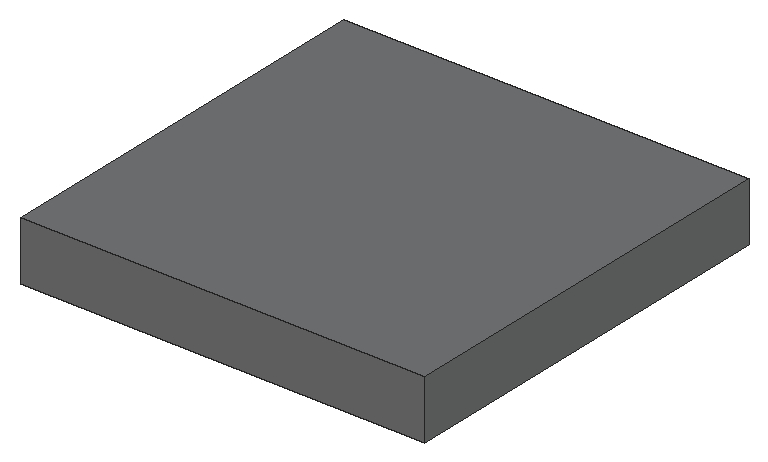
Revit family "Gira_0294005", category Electrical Fixtures, host Face, Revit 2017
Family settings
  Host = Face
  Maintain Annotation Orientation = No
  Round Connector Dimension = Use Diameter
  Part Type = Normal
  Cut with Voids When Loaded = No
  Shared = No
  Room Calculation Point = No
Parameters (values of type "Wippe 2f Pfeilsymbol System 55 Schwarz m")
  Werkstoffgüte = "Thermoplast"
  Werkstoff = "Kunststoff"
  Verwendung = "Jalousie"
  URL = "http://katalog.gira.de/de_DE/datenblatt.html?artikelnr=0294005"
  Region = "DE"
  Oberfläche = "sonstige"
  Name = "Wippe 2f Pfeilsymbol System 55 Schwarz m"
  Mit austauschbarer Linse/Symbol = "No"
  Mit Beschriftungsfeld = "No"
  Manufacturer URL = "https://www.gira.de/"
  Kontrollfenster/Lichtauslass = "No"
  Keynote = "Sys55_Abdeckung_Schalten und Tasten"
  HeinzeBIM = "https://bimportal.heinze.de/bim/wippe-2f-pfeilsymbol-system-55-schwarz-m/14b42c3b1240f18a4f96b6189196fdca4535c5a7"
  Halogenfrei = "Yes"
  HAN = "0294005"
  Geeignet für Schutzart (IP) = "IP20"
  Geeignet für Bussystem-Tasterankopplung = "No"
  GTIN = "4010337038108"
  Farbe = "schwarz"
  Default Elevation = 1219.2 mm
  Data sheet (1) = "https://katalog.gira.de/de_DE/download.html?artikelnr=0294005"
  Category = "Abdeckung/Bedienelement für Installationsschalterprogramme"
  Befestigungsart = "Klemmbefestigung"
  Available = "Yes"
  Ausführung der Oberfläche = "matt"
  Ausführung = "zweiteilige Wippe"
  Aufdruck/Kennzeichnung = "diverse Symbole"
  Anthrazit [instance] = Anthrazit
  Abtastbares Symbol/barrierefrei = "No"
Reference planes
  plane 1 "Center (Front/Back)": y = 0
  plane 2: z = 0
  plane 3 "Center (Left/Right)": x = 0
Forms (mm)
  Extrusion 1, solid, material "Anthrazit" <- "Anthrazit", detail levels fine
    sketch origin (0, 0, 0) x (1, 0, 0) y (0, 1, 0)
      loop
        line (-27.5, 27.5) -> (-27.5, -27.5) -> (27.5, -27.5) -> (27.5, 27.5) -> (-27.5, 27.5)
    from 0 to 8
  Extrusion 2, void
    sketch origin (0, 0, 0) x (1, 0, 0) y (0, 1, 0)
      loop
        line (26, 26) -> (-26, 26) -> (-26, -26) -> (26, -26) -> (26, 26)
    from 0 to 6
  Extrusion 3, solid, material "Anthrazit" <- "Anthrazit", detail levels medium
    sketch origin (0, 0, 0) x (1, 0, 0) y (0, 1, 0)
      loop
        line (-27.5, 27.5) -> (-27.5, -27.5) -> (27.5, -27.5) -> (27.5, 27.5) -> (-27.5, 27.5)
    from 0 to 8
  Extrusion 4, solid, material "Anthrazit" <- "Anthrazit", detail levels medium
    sketch origin (0, 0, 0) x (1, 0, 0) y (0, 1, 0)
      loop
        line (11, -17.5) -> (11, 17.5) -> (-11, 17.5) -> (-11, -17.5) -> (11, -17.5)
    from -6 to 6
  Extrusion 5, solid, material "Anthrazit" <- "Anthrazit", detail levels fine
    sketch origin (0, 0, 0) x (1, 0, 0) y (0, 1, 0)
      loop
        line (11, 17.5) -> (-11, 17.5) -> (-11, 16.5) -> (11, 16.5) -> (11, 17.5)
      loop
        line (-11, -16.5) -> (-11, -17.5) -> (11, -17.5) -> (11, -16.5) -> (-11, -16.5)
    from -4 to 6
  Extrusion 6, solid, material "Anthrazit" <- "Anthrazit", detail levels fine
    sketch origin (0, 0, 0) x (1, 0, 0) y (0, 1, 0)
      loop
        arc (5, 9.347) -> (0, 10.6) -> (-5, 9.347) r 10.6
        line (-5, 9.347) -> (-5, -9.347)
        arc (-5, -9.347) -> (0, -10.6) -> (5, -9.347) r 10.6
        line (5, -9.347) -> (5, 9.347)
    from -6 to 6
  Extrusion 7, solid, material "Anthrazit" <- "Anthrazit", detail levels coarse
    sketch origin (0, 0, 0) x (1, 0, 0) y (0, 1, 0)
      loop
        line (-27.5, 27.5) -> (-27.5, -27.5) -> (27.5, -27.5) -> (27.5, 27.5) -> (-27.5, 27.5)
    from -6 to 8
Cuts and joins
  Extrusion 2 cuts Extrusion 1
Dimensions and locks
  aligned and locked: plane 2 to host face
  aligned and locked: level to host face
